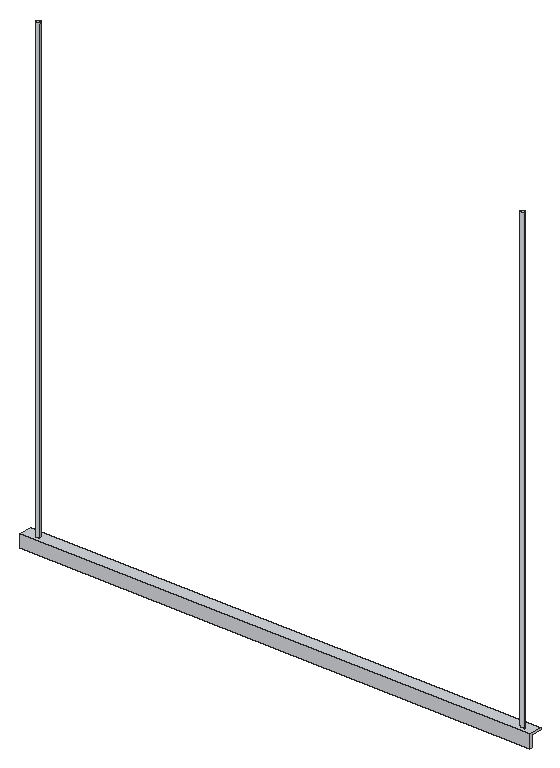
Revit family "sh_rec_hanger_type-1", category Mechanical Equipment, Revit 2017
Family settings
  Round Connector Dimension = Use Diameter
  Part Type = Normal
  OmniClass Number = 23.75.00.00
  OmniClass Title = Climate Control (HVAC)
  Work Plane-Based = No
  Always vertical = Yes
  Cut with Voids When Loaded = No
  Shared = No
  Room Calculation Point = No
Parameters
  length of rod [instance] = 3' - 0 1/8"
  duct width [instance] = 3' - 0"
Reference planes (in)
  plane 1 "Center (Front/Back)": y = 0
  plane 2: z = 0
  plane 3 "Center (Left/Right)": x = 0
  plane 4: y = -0.5
  plane 5: y = 0.5
  plane 6: x = -20
  plane 7: x = 20
  plane 8: x = -19
  plane 9: x = 19
  plane 10: z = 0
  plane 11: z = 36.125
  plane 12: y = -0.375
  plane 13: z = -1
  plane 14: x = -18
  plane 15: x = 18
  plane 16: z = -0.125
Forms (in)
  Extrusion 1, solid
    sketch origin (0, 0, 0) x (0, 1, 0) y (0, 0, 1)
      loop
        line (-0.5, -1) -> (-0.375, -1) -> (-0.375, -0.125) -> (0.5, -0.125) -> (0.5, 0) -> (-0.5, 0) -> (-0.5, -1)
    from -20 to 20
  Extrusion 2, solid
    sketch origin (0, 0, 0) x (1, 0, 0) y (0, 1, 0)
      loop
        circle (-19, 0) r 0.15748
    from -1 to 36.125
  Extrusion 3, solid
    sketch origin (0, 0, 0) x (1, 0, 0) y (0, 1, 0)
      loop
        circle (19, 0) r 0.15748
    from -1 to 36.125
Dimensions and locks (in)
  equal spacing: plane 5, plane 1 "Center (Front/Back)", plane 4
  equal spacing: plane 6, plane 3 "Center (Left/Right)", plane 7
  plane 6 to plane 8 = 0' - 1"
  plane 9 to plane 7 = 0' - 1"
  plane 10 to level = 0' - 0"
  plane 4 to plane 5 = 0' - 1"
  locked: plane 10 to plane 13 at 1
  plane 5 to plane 4 = 0' - 1"
  locked: plane 4 to plane 12 at 0.125
  plane 8 to plane 14 = 0' - 1"
  plane 15 to plane 9 = 0' - 1"
  equal spacing: plane 14, plane 3 "Center (Left/Right)", plane 15
  "duct width": plane 14 to plane 15
  "length of rod": plane 11 to plane 10
  level to plane 16 = 0' - 0 1/8"
  radius of Extrusion 2 sketch curve = 0' - 0.15748"
  aligned and locked: level to plane 2
  aligned and locked: plane 6 to Extrusion 1
  aligned and locked: Extrusion 1 to plane 7
  aligned and locked: Extrusion 2 to plane 13
  aligned and locked: plane 11 to Extrusion 2
  aligned and locked: Extrusion 3 to plane 13
  aligned and locked: plane 11 to Extrusion 3
  aligned and locked: Extrusion 1 to plane 16
  aligned and locked: level to Extrusion 1
  aligned and locked: level to plane 10
Automatic sketch dimensions
  Extrusion 1 sketch curve to plane 4 = 0' - 0"
  Extrusion 1 sketch curve to plane 12 = 0' - 0"
  Extrusion 1 sketch curve to plane 5 = 0' - 0"
  Extrusion 1 sketch curve to plane 13 = 0' - 0"
  Extrusion 1 sketch curve to level = 0' - 0 1/8"
  Extrusion 1 sketch curve to plane 10 = 0' - 0"
  plane 1 "Center (Front/Back)" to Extrusion 2 sketch curve = 0' - 0"
  Extrusion 2 sketch curve to plane 8 = 0' - 0"
  plane 1 "Center (Front/Back)" to Extrusion 3 sketch curve = 0' - 0"
  Extrusion 3 sketch curve to plane 9 = 0' - 0"
  radius of Extrusion 3 sketch curve = 0' - 0.15748"
